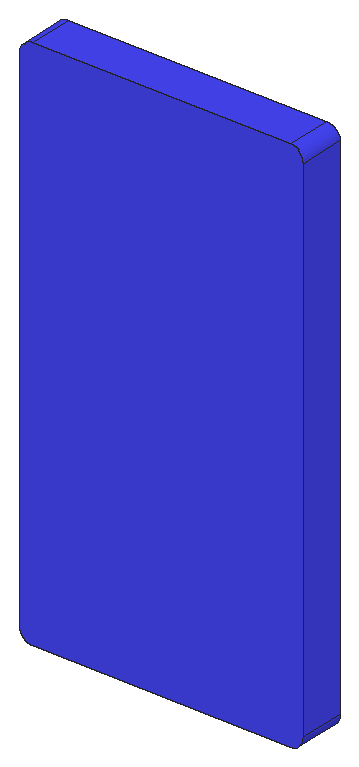
Revit family "Building-IEC309Connections-GEWISS-67IB-INTERLOCKED-SOCKET-OUTLETS_IP67_WITHOUT_BOTTOM_63A_FUS", category Apparecchi elettrici, host Muro, Revit 2016 (continued)
Definition of nested family "2D - IB PRESE INTERBLOC VERT 63A + PORTAFUS IP67"
  Lines and regions (mm)
    model lines, in view "Livello rif."
      curve 177: arc (5.607, 231.591, 0) -> (5.346, 232.252, 0) -> (4.711, 232.572, 0) r 1
      curve 178: arc (-4.711, 232.572, 0) -> (-5.346, 232.252, 0) -> (-5.607, 231.591, 0) r 1
      curve 179: line (-0.413, 195.903, 0) -> (-0.413, 194.525, 0)
      curve 180: line (-0.413, 194.525, 0) -> (-0.759, 194.525, 0)
      curve 181: line (-0.759, 194.525, 0) -> (-0.759, 195.763, 0)
      curve 182: line (-1.541, 194.434, 0) -> (-1.541, 193.667, 0)
      curve 183: line (-1.541, 193.667, 0) -> (0.37, 193.667, 0)
      curve 184: line (0.37, 193.667, 0) -> (0.37, 194.871, 0)
      curve 185: line (0.37, 194.871, 0) -> (0.716, 194.871, 0)
      curve 186: line (0.716, 194.871, 0) -> (0.716, 193.667, 0)
      curve 187: line (0.716, 193.667, 0) -> (1.498, 193.667, 0)
      curve 188: line (1.498, 193.667, 0) -> (1.498, 194.434, 0)
      curve 189: line (0.716, 191.034, 0) -> (1.498, 191.034, 0)
      curve 190: line (1.498, 191.034, 0) -> (1.498, 193.321, 0)
      curve 191: line (1.498, 193.321, 0) -> (-0.413, 193.321, 0)
      curve 192: line (-0.413, 193.321, 0) -> (-0.413, 191.892, 0)
      curve 193: line (-0.413, 191.892, 0) -> (-0.759, 191.892, 0)
      curve 194: line (-0.759, 191.892, 0) -> (-0.759, 193.321, 0)
      curve 195: line (-0.759, 193.321, 0) -> (-1.541, 193.321, 0)
      curve 196: line (-1.541, 193.321, 0) -> (-1.541, 191.034, 0)
      curve 197: line (-1.541, 191.034, 0) -> (0.37, 191.034, 0)
      curve 198: line (0.37, 191.034, 0) -> (0.37, 192.464, 0)
      curve 199: line (0.37, 192.464, 0) -> (0.716, 192.464, 0)
      curve 200: line (0.716, 192.464, 0) -> (0.716, 191.034, 0)
      curve 201: line (-0.413, 189.906, 0) -> (1.498, 189.906, 0)
      curve 202: line (1.498, 189.906, 0) -> (1.498, 190.688, 0)
      curve 203: line (1.498, 190.688, 0) -> (-0.413, 190.688, 0)
      curve 204: line (-0.413, 190.688, 0) -> (-0.413, 189.906, 0)
      curve 205: line (1.498, 187.488, 0) -> (1.498, 186.658, 0)
      curve 206: line (1.498, 186.658, 0) -> (-0.759, 186.132, 0)
      curve 207: line (-0.759, 186.132, 0) -> (-0.759, 185.241, 0)
      curve 208: line (-0.759, 185.241, 0) -> (-1.541, 185.241, 0)
      curve 209: line (-1.541, 185.241, 0) -> (-1.541, 186.753, 0)
      curve 210: line (-1.541, 186.753, 0) -> (0.179, 187.154, 0)
      curve 211: line (0.179, 187.154, 0) -> (-1.541, 187.498, 0)
      curve 212: line (-1.541, 187.498, 0) -> (-1.541, 188.304, 0)
      curve 213: line (-1.541, 188.304, 0) -> (0.075, 188.681, 0)
      curve 214: line (0.075, 188.681, 0) -> (-1.541, 189.004, 0)
      curve 215: line (-1.541, 189.004, 0) -> (-1.541, 190.688, 0)
      curve 216: line (-1.541, 190.688, 0) -> (-0.759, 190.688, 0)
      curve 217: line (-0.759, 190.688, 0) -> (-0.759, 189.646, 0)
      curve 218: line (-0.759, 189.646, 0) -> (1.498, 189.194, 0)
      curve 219: line (1.498, 189.194, 0) -> (1.498, 188.371, 0)
      curve 220: line (1.498, 188.371, 0) -> (-0.538, 187.896, 0)
      curve 221: line (-0.538, 187.896, 0) -> (1.498, 187.488, 0)
      curve 222: line (-1.541, 183.662, 0) -> (1.498, 183.662, 0)
      curve 223: line (1.498, 183.662, 0) -> (1.498, 185.949, 0)
      curve 224: line (1.498, 185.949, 0) -> (0.716, 185.949, 0)
      curve 225: line (0.716, 185.949, 0) -> (0.716, 184.519, 0)
      curve 226: line (0.716, 184.519, 0) -> (0.37, 184.519, 0)
      curve 227: line (0.37, 184.519, 0) -> (0.37, 185.949, 0)
      curve 228: line (0.37, 185.949, 0) -> (-0.413, 185.949, 0)
      curve 229: line (-0.413, 185.949, 0) -> (-0.413, 184.519, 0)
      curve 230: line (-0.413, 184.519, 0) -> (-0.759, 184.519, 0)
      curve 231: line (-0.759, 184.519, 0) -> (-0.759, 184.895, 0)
      curve 232: line (-0.759, 184.895, 0) -> (-1.541, 184.895, 0)
      curve 233: line (-1.541, 184.895, 0) -> (-1.541, 183.662, 0)
      curve 234: line (-1.541, 182.546, 0) -> (-1.541, 183.316, 0)
      curve 235: line (-1.541, 183.316, 0) -> (-0.759, 183.316, 0)
      curve 236: line (-0.759, 183.316, 0) -> (-0.759, 182.112, 0)
      curve 237: line (-0.759, 182.112, 0) -> (0.716, 182.112, 0)
      curve 238: line (0.716, 182.112, 0) -> (0.716, 182.458, 0)
      curve 239: line (0.716, 182.458, 0) -> (-0.413, 182.458, 0)
      curve 240: line (-0.413, 182.458, 0) -> (-0.413, 183.316, 0)
      curve 241: line (-0.413, 183.316, 0) -> (1.498, 183.316, 0)
      curve 242: line (1.498, 183.316, 0) -> (1.498, 182.546, 0)
      curve 243: arc (31.994, 149.331, 0) -> (38.7, 156.025, 0) -> (32.006, 162.731, 0) r 6.7
      curve 244: arc (20.006, 162.731, 0) -> (13.3, 156.038, 0) -> (19.994, 149.331, 0) r 6.7
      curve 245: arc (-20.006, 149.331, 0) -> (-13.3, 156.025, 0) -> (-19.994, 162.731, 0) r 6.7
      curve 246: arc (-31.994, 162.731, 0) -> (-38.7, 156.038, 0) -> (-32.006, 149.331, 0) r 6.7
      curve 247: arc (20.834, 229.715, 0) -> (13.926, 233.525, 0) -> (6.357, 235.748, 0) r 36.205
      curve 248: arc (27.14, 237.517, 0) -> (27.078, 237.61, 0) -> (27.014, 237.701, 0) r 4.402
      curve 249: arc (27.014, 237.701, 0) -> (17.787, 242.846, 0) -> (7.634, 245.766, 0) r 46.295
      curve 250: arc (7.634, 245.766, 0) -> (7.527, 245.747, 0) -> (7.419, 245.725, 0) r 4.566
      curve 251: circle (0, 200.105, 0) r 35.268 normal (0, 0, 1)
      curve 252: arc (6.641, 245.582, 0) -> (3.329, 245.944, 0) -> (0, 246.065, 0) r 45.96
      curve 253: arc (0, 246.065, 0) -> (-2.093, 245.198, 0) -> (-2.96, 243.105, 0) r 2.96
      curve 254: arc (-2.96, 239.605, 0) -> (-2.093, 237.512, 0) -> (0, 236.645, 0) r 2.96
      curve 255: arc (6.307, 236.097, 0) -> (3.165, 236.508, 0) -> (0, 236.645, 0) r 36.54
      curve 256: arc (6.357, 235.748, 0) -> (6.339, 235.923, 0) -> (6.307, 236.097, 0) r 2.191
      curve 257: arc (24.602, 227.123, 0) -> (22.901, 228.578, 0) -> (21.115, 229.927, 0) r 36.54
      curve 258: arc (21.115, 229.927, 0) -> (20.971, 229.826, 0) -> (20.834, 229.715, 0) r 2.233
      curve 259: arc (24.602, 227.123, 0) -> (31.258, 227.437, 0) -> (30.938, 234.093, 0) r 4.71
      curve 260: arc (30.938, 234.093, 0) -> (29.295, 235.519, 0) -> (27.586, 236.865, 0) r 45.96
      curve 261: spline (-40.163, 143.824, 0) -> (-40.162, 143.759, 0) -> (-40.161, 143.695, 0) -> (-40.158, 143.634, 0) -> (-40.155, 143.576, 0) -> (-40.151, 143.523, 0) -> (-40.147, 143.475, 0) -> (-40.142, 143.433, 0) -> (-40.136, 143.398, 0) -> (-40.13, 143.37, 0) -> (-40.123, 143.351, 0) -> (-40.116, 143.339, 0) -> (-40.11, 143.336, 0)
      curve 262: spline (-40.11, 143.336, 0) -> (-40.163, 143.333, 0) -> (-40.216, 143.325, 0) -> (-40.268, 143.311, 0) -> (-40.318, 143.291, 0) -> (-40.365, 143.266, 0) -> (-40.41, 143.236, 0) -> (-40.451, 143.202, 0) -> (-40.489, 143.163, 0) -> (-40.522, 143.121, 0) -> (-40.55, 143.075, 0) -> (-40.573, 143.026, 0) -> (-40.591, 142.976, 0)
      curve 263: spline (-61.89, 143.336, 0) -> (-61.884, 143.339, 0) -> (-61.877, 143.351, 0) -> (-61.87, 143.37, 0) -> (-61.864, 143.398, 0) -> (-61.858, 143.433, 0) -> (-61.853, 143.475, 0) -> (-61.849, 143.523, 0) -> (-61.845, 143.576, 0) -> (-61.842, 143.634, 0) -> (-61.839, 143.695, 0) -> (-61.838, 143.759, 0) -> (-61.837, 143.824, 0)
      curve 264: spline (-61.409, 142.976, 0) -> (-61.427, 143.026, 0) -> (-61.45, 143.075, 0) -> (-61.478, 143.121, 0) -> (-61.511, 143.163, 0) -> (-61.549, 143.202, 0) -> (-61.59, 143.236, 0) -> (-61.635, 143.266, 0) -> (-61.682, 143.291, 0) -> (-61.732, 143.311, 0) -> (-61.784, 143.325, 0) -> (-61.837, 143.333, 0) -> (-61.89, 143.336, 0)
      curve 265: spline (61.837, 143.824, 0) -> (61.838, 143.759, 0) -> (61.839, 143.695, 0) -> (61.842, 143.634, 0) -> (61.845, 143.576, 0) -> (61.849, 143.523, 0) -> (61.853, 143.475, 0) -> (61.858, 143.433, 0) -> (61.864, 143.398, 0) -> (61.87, 143.37, 0) -> (61.877, 143.351, 0) -> (61.884, 143.339, 0) -> (61.89, 143.336, 0)
      curve 266: spline (61.89, 143.336, 0) -> (61.837, 143.333, 0) -> (61.784, 143.325, 0) -> (61.732, 143.311, 0) -> (61.682, 143.291, 0) -> (61.635, 143.266, 0) -> (61.59, 143.236, 0) -> (61.549, 143.202, 0) -> (61.511, 143.163, 0) -> (61.478, 143.121, 0) -> (61.45, 143.075, 0) -> (61.427, 143.026, 0) -> (61.409, 142.976, 0)
      curve 267: spline (40.11, 143.336, 0) -> (40.117, 143.34, 0) -> (40.124, 143.352, 0) -> (40.13, 143.373, 0) -> (40.136, 143.401, 0) -> (40.142, 143.436, 0) -> (40.147, 143.478, 0) -> (40.152, 143.526, 0) -> (40.155, 143.579, 0) -> (40.159, 143.636, 0) -> (40.161, 143.697, 0) -> (40.162, 143.76, 0) -> (40.163, 143.824, 0)
      curve 268: spline (40.591, 142.976, 0) -> (40.573, 143.026, 0) -> (40.55, 143.075, 0) -> (40.522, 143.121, 0) -> (40.489, 143.163, 0) -> (40.451, 143.202, 0) -> (40.41, 143.236, 0) -> (40.365, 143.266, 0) -> (40.318, 143.291, 0) -> (40.268, 143.311, 0) -> (40.216, 143.325, 0) -> (40.163, 143.333, 0) -> (40.11, 143.336, 0)
      curve 269: line (19.994, 149.331, 0) -> (31.994, 149.331, 0)
      curve 270: line (20.006, 162.731, 0) -> (32.006, 162.731, 0)
      curve 271: line (-32.006, 149.331, 0) -> (-20.006, 149.331, 0)
      curve 272: line (-31.994, 162.731, 0) -> (-19.994, 162.731, 0)
      curve 273: line (72.299, 12.5, 0) -> (72.5, 12.5, 0)
      curve 274: line (-2.96, 243.105, 0) -> (-2.96, 239.605, 0)
      curve 275: line (7.299, 245.719, 0) -> (6.83, 245.636, 0)
      curve 276: line (6.83, 245.636, 0) -> (6.641, 245.582, 0)
      curve 277: line (27.14, 237.517, 0) -> (27.287, 237.347, 0)
      curve 278: line (27.287, 237.347, 0) -> (27.421, 237.155, 0)
      curve 279: line (27.421, 237.155, 0) -> (27.586, 236.865, 0)
      curve 280: line (-40.163, 143.824, 0) -> (-40.198, 157.734, 0)
      curve 281: line (-40.198, 157.734, 0) -> (-61.802, 157.734, 0)
      curve 282: line (-61.837, 143.824, 0) -> (-61.802, 157.734, 0)
      curve 283: line (61.837, 143.824, 0) -> (61.802, 157.734, 0)
      curve 284: line (61.802, 157.734, 0) -> (40.198, 157.734, 0)
      curve 285: line (40.163, 143.824, 0) -> (40.198, 157.734, 0)
      curve 286: circle (-27, 156.031, 0) r 5.84 normal (0, 0, 1)
      curve 287: circle (27, 156.031, 0) r 5.84 normal (0, 0, 1)
      curve 288: arc (-7.017, 180.944, 0) -> (-7.693, 189.475, 0) -> (-9.704, 197.794, 0) r 54.183
      curve 289: arc (-6.23, 171.458, 0) -> (0, 170.789, 0) -> (6.23, 171.458, 0) r 29.316
      curve 290: arc (9.704, 197.794, 0) -> (7.691, 189.465, 0) -> (7.017, 180.923, 0) r 54.183
      curve 291: arc (10.015, 198.717, 0) -> (9.857, 198.256, 0) -> (9.704, 197.794, 0) r 53.759
      curve 292: arc (10.015, 198.717, 0) -> (10.236, 200.104, 0) -> (9.964, 201.483, 0) r 4.001
      curve 293: arc (5.574, 224.985, 0) -> (6.667, 213.028, 0) -> (9.964, 201.483, 0) r 64.271
      curve 294: arc (-9.964, 201.483, 0) -> (-6.667, 213.028, 0) -> (-5.574, 224.985, 0) r 64.271
      curve 295: arc (-9.964, 201.483, 0) -> (-10.236, 200.104, 0) -> (-10.015, 198.717, 0) r 4.001
      curve 296: arc (-9.704, 197.794, 0) -> (-9.857, 198.256, 0) -> (-10.015, 198.717, 0) r 53.759
      curve 297: spline (-7.017, 172.435, 0) -> (-7.011, 172.322, 0) -> (-6.992, 172.211, 0) -> (-6.96, 172.102, 0) -> (-6.917, 171.998, 0) -> (-6.861, 171.9, 0) -> (-6.796, 171.808, 0) -> (-6.72, 171.724, 0) -> (-6.635, 171.649, 0) -> (-6.543, 171.584, 0) -> (-6.443, 171.531, 0) -> (-6.338, 171.488, 0) -> (-6.23, 171.458, 0)
      curve 298: spline (6.23, 171.458, 0) -> (6.338, 171.488, 0) -> (6.443, 171.531, 0) -> (6.543, 171.584, 0) -> (6.635, 171.649, 0) -> (6.72, 171.724, 0) -> (6.796, 171.808, 0) -> (6.861, 171.9, 0) -> (6.917, 171.998, 0) -> (6.96, 172.102, 0) -> (6.992, 172.211, 0) -> (7.011, 172.322, 0) -> (7.017, 172.435, 0)
      curve 299: line (-60.526, 157.734, 0) -> (-41.474, 157.734, 0)
      curve 300: line (41.474, 157.734, 0) -> (60.526, 157.734, 0)
      curve 301: line (-7.017, 180.944, 0) -> (-7.017, 172.435, 0)
      curve 302: line (7.017, 180.923, 0) -> (7.017, 172.435, 0)
      curve 303: line (5.607, 231.591, 0) -> (5.574, 224.985, 0)
      curve 304: line (-5.607, 231.591, 0) -> (-5.574, 224.985, 0)
Types (11, lengths in mm): name | Tipo Simbolo | Technical sheet | Reference h | Rated voltage: | Rated voltage | Presa | Potenza | Numero poli | Number of poles | No. of poles | Modello | Immagine tipo | IDT | IB socket outlet rated current (In) | EAN code | Descrizione | Colour: | Colour
  GW66345N - 63A 2P+E 110V V.INT.SOCK.O.N.B.4H CBF | PRESAINDPFUS : 2P | "https://www.gewiss.com/ww/en/search?q=GW66345N" | "4" | "100 - 130 V" | "100 - 130 V" | GEWISS - GIALLO | 110 V | 2 | "2P+E" | "2P+E" | "GW66345N" | GW66345N.jpg | "4b837fe5-e4c2-4626-a97d-cca6ee99e685" | "54A" | "8011564742000" | "63A 2P+E 110V V.INT.SOCK.O.N.B.4H CBF" | "Yellow" | "Yellow"
  GW66346N - 63A 3P+E 110V V.INT.SOCK.O.N.B.4H CBF | PRESAINDPFUS : 3P | "https://www.gewiss.com/ww/en/search?q=GW66346N" | "4" | "100 - 130 V" | "100 - 130 V" | GEWISS - GIALLO | 110 V | 3 | "3P+E" | "3P+E" | "GW66346N" | GW66345N.jpg | "4c4410a6-467e-420a-9df7-8cc6c2932e27" | "52A" | "8011564742017" | "63A 3P+E 110V V.INT.SOCK.O.N.B.4H CBF" | "Yellow" | "Yellow"
  GW66347N - 63A 3P+N+E 110V V.INT.SOCK.O.N.B.4H CBF | PRESAINDPFUS : 3P | "https://www.gewiss.com/ww/en/search?q=GW66347N" | "4" | "100 - 130 V" | "100 - 130 V" | GEWISS - GIALLO | 110 V | 3 | "3P+N+E" | "3P+N+E" | "GW66347N" | GW66345N.jpg | "509b2adc-6624-4ef6-a389-740a951d5000" | "48A" | "8011564742024" | "63A 3P+N+E 110V V.INT.SOCK.O.N.B.4H CBF" | "Yellow" | "Yellow"
  GW66348N - 63A 2P+E 230V V.INT.SOCK.O.N.B.6H CBF | PRESAINDPFUS : 2P | "https://www.gewiss.com/ww/en/search?q=GW66348N" | "6" | "200 - 250 V" | "200 - 250 V" | GEWISS -BLU | 230 V | 2 | "2P+E" | "2P+E" | "GW66348N" | GW66348N.jpg | "b3ab9795-cf69-4349-9b47-740c6045b857" | "54A" | "8011564742031" | "63A 2P+E 230V V.INT.SOCK.O.N.B.6H CBF" | "Blue" | "Blue"
  GW66349N - 63A 3P+E 230V V.INT.SOCK.O.N.B.9H CBF | PRESAINDPFUS : 3P | "https://www.gewiss.com/ww/en/search?q=GW66349N" | "9" | "200 - 250 V" | "200 - 250 V" | GEWISS -BLU | 230 V | 3 | "3P+E" | "3P+E" | "GW66349N" | GW66348N.jpg | "02896c08-89f6-43bd-8194-13a8c1370ac5" | "52A" | "8011564742048" | "63A 3P+E 230V V.INT.SOCK.O.N.B.9H CBF" | "Blue" | "Blue"
  GW66350N - 63A 3P+N+E 230V V.INT.SOCK.O.N.B.9H CBF | PRESAINDPFUS : 3P | "https://www.gewiss.com/ww/en/search?q=GW66350N" | "9" | "200 - 250 V" | "200 - 250 V" | GEWISS -BLU | 230 V | 3 | "3P+N+E" | "3P+N+E" | "GW66350N" | GW66348N.jpg | "41c149cf-6bbd-433c-a3c7-372eb4135184" | "48A" | "8011564742055" | "63A 3P+N+E 230V V.INT.SOCK.O.N.B.9H CBF" | "Blue" | "Blue"
  GW66351N - 63A 2P+E 400V V.INT.SOCK.O.N.B.6H CBF | PRESAINDPFUS : 2P | "https://www.gewiss.com/ww/en/search?q=GW66351N" | "9" | "380 - 415 V" | "380 - 415 V" | GW - ROSSO | 400 V | 2 | "2P+E" | "2P+E" | "GW66351N" | GW66351N.jpg | "141da110-bcb7-4cb5-b342-2def1369f166" | "54A" | "8011564742062" | "63A 2P+E 400V V.INT.SOCK.O.N.B.6H CBF" | "Red" | "Red"
  GW66352N - 63A 3P+E 400V V.INT.SOCK.O.N.B.9H CBF | PRESAINDPFUS : 3P | "https://www.gewiss.com/ww/en/search?q=GW66352N" | "6" | "380 - 415 V" | "380 - 415 V" | GW - ROSSO | 400 V | 3 | "3P+E" | "3P+E" | "GW66352N" | GW66351N.jpg | "225a84bf-1993-4016-8b32-75fc2fcac37d" | "52A" | "8011564742079" | "63A 3P+E 400V V.INT.SOCK.O.N.B.9H CBF" | "Red" | "Red"
  GW66353N - 63A 3P+N+E 400V V.INT.SOCK.O.N.B.9H CBF | PRESAINDPFUS : 3P | "https://www.gewiss.com/ww/en/search?q=GW66353N" | "6" | "380 - 415 V" | "380 - 415 V" | GW - ROSSO | 400 V | 3 | "3P+N+E" | "3P+N+E" | "GW66353N" | GW66351N.jpg | "61b4eed7-4850-4a25-95e5-51eea97569ed" | "48A" | "8011564742086" | "63A 3P+N+E 400V V.INT.SOCK.O.N.B.9H CBF" | "Red" | "Red"
  GW66354N - 63A 3P+E 500V V.INT.SOCK.O.N.B.7H CBF | PRESAINDPFUS : 3P | "https://www.gewiss.com/ww/en/search?q=GW66354N" | "7" | "480 - 500 V" | "480 - 500 V" | GEWISS - NERO | 500 V | 3 | "3P+E" | "3P+E" | "GW66354N" | GW66354N.jpg | "96b87499-3bd7-40db-951f-f2ee8e7f33d6" | "52A" | "8011564742093" | "63A 3P+E 500V V.INT.SOCK.O.N.B.7H CBF" | "Black" | "Black"
  GW66355N - 63A 3P+N+E 500V V.INT.SOCK.O.N.B.7H CBF | PRESAINDPFUS : 3P | "https://www.gewiss.com/ww/en/search?q=GW66355N" | "7" | "480 - 500 V" | "480 - 500 V" | GEWISS - NERO | 500 V | 3 | "3P+N+E" | "3P+N+E" | "GW66355N" | GW66354N.jpg | "4db8474b-84e3-4347-92c1-42259bd8bc9a" | "48A" | "8011564742109" | "63A 3P+N+E 500V V.INT.SOCK.O.N.B.7H CBF" | "Black" | "Black"
